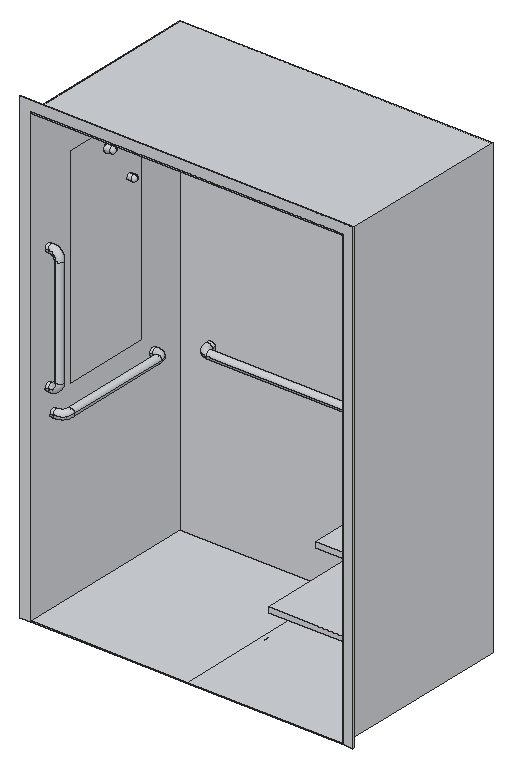
Revit family "Shower_Cabinet-Willoughby-US-3660-HC-FA-L", category Plumbing Fixtures, Revit 2015
Parameters
  URL = "https://www.willoughby-ind.com/wp-content/uploads/2018/01/US-3660-FA-ROLL-IN.pdf"
  Revision = "A"
  Model = "US/KS-3660-HC-FA"
  Manufacturer = "Willoughby Industries"
  Description = "US 36\" X 60\" Handicap Roll-In Cabinet Shower, Front Access, Left shower heads"
  Contact Info = "(800) 428-4065"
Reference planes (in)
  plane 1 "Center (Front/Back)": y = 0
  plane 2: z = 0
  plane 3 "Center (Left/Right)": x = 0
Forms (in)
  Extrusion 1, solid
    sketch origin (0, 0, 0) x (1, 0, 0) y (0, 0, 1)
      loop
        line (152.875, 0) -> (213, 0) -> (213, 88) -> (152.875, 88) -> (152.875, 0)
    from 0 to 36
  Extrusion 2, void
    sketch origin (0, 0, 0) x (1, 0, 0) y (0, 0, 1)
      loop
        line (182.9375, 0.12) -> (212.9375, 0.12) -> (212.9375, 87.925) -> (152.9375, 87.925) -> (152.9375, 0.12) -> (182.9375, 0.12)
    from 0.07422 to 37
  Sweep 3, solid
    path origin (-9.0625, -18.07422, 34) x (1, 0, 0) y (0, 1, 0)
      loop
        line (198, 18) -> (198, 17.25)
        arc (198, 17.25) -> (197.56066, 16.18934) -> (196.5, 15.75) r 1.5
        line (196.5, 15.75) -> (169.5, 15.75)
        arc (169.5, 15.75) -> (168.43934, 16.18934) -> (168, 17.25) r 1.5
        line (168, 17.25) -> (168, 18)
    profile origin (188.9375, -0.07422, 34) x (1, 0, 0) y (0, 0, 1)
      loop
        circle (0, 0) r 0.75
  Extrusion 4, solid
    sketch origin (0, -35.92578, 0) x (1, 0, 0) y (0, 0, 1)
      loop
        line (152.875, 0) -> (152.875, 88) -> (213, 88) -> (213, 0) -> (215, 0) -> (215, 90) -> (150.875, 90) -> (150.875, 0) -> (152.875, 0)
    from 0 to 0.07422
  Sweep 5, solid
    path origin (13.68492, 18.61488, 34) x (1, 0, 0) y (0, 1, 0)
      loop
        line (139.25258, -25.4391) -> (140.00258, -25.4391)
        arc (140.00258, -25.4391) -> (141.06324, -25.87844) -> (141.50258, -26.9391) r 1.5
        line (141.50258, -26.9391) -> (141.50258, -47.9391)
        arc (141.50258, -47.9391) -> (141.06324, -48.99976) -> (140.00258, -49.4391) r 1.5
        line (140.00258, -49.4391) -> (139.25258, -49.4391)
    profile origin (152.9375, -6.82422, 34) x (0, 1, 0) y (0, 0, 1)
      loop
        circle (0, 0) r 0.75
  Sweep 6, solid
    path origin (0, 0, 0) x (1, 0, 0) y (0, 0, 1)
      loop
        line (152.9375, 39) -> (153.6875, 39)
        arc (153.6875, 39) -> (154.74816, 39.43934) -> (155.1875, 40.5) r 1.5
        line (155.1875, 40.5) -> (155.1875, 61.5)
        arc (155.1875, 61.5) -> (154.74816, 62.56066) -> (153.6875, 63) r 1.5
        line (153.6875, 63) -> (152.9375, 63)
    profile origin (152.9375, 0, 39) x (0, 0, 1) y (0, -1, 0)
      loop
        circle (0, 32) r 0.75
  Revolve 7, solid
    sketch origin (152.9375, -12.575, -17.55162) x (-1, 0, 0) y (0, 0, 1)
      loop
        line (0.0625, 84.30162) -> (0.0625, 84.86162) -> (-1.10022, 84.86162)
        arc (-1.10022, 84.86162) -> (-1.4962, 84.6976) -> (-1.66022, 84.30162) r 0.56
        line (-1.66022, 84.30162) -> (0.0625, 84.30162)
      axis (0.0625, 84.30162) -> (-1.66022, 84.30162)
    angle from 0 to 360
  Revolve 8, solid
    sketch origin (0, -18, 0) x (1, 0, 0) y (0, 0, 1)
      loop
        line (152.875, 74.125) -> (154.8375, 74.125)
        arc (154.8375, 74.125) -> (154.68119, 74.55158) -> (154.2775, 74.76) r 0.62579
        line (154.2775, 74.76) -> (153.1875, 74.875) -> (152.875, 74.875) -> (152.875, 74.125)
      axis (152.875, 74.125) -> (154.8375, 74.125)
    angle from 0 to 360
  Extrusion 9, solid
    sketch origin (0, 0, 0) x (1, 0, 0) y (0, 1, 0)
      loop
        circle (182.9375, -18.07422) r 1
    from 0 to -5
  Extrusion 10, solid
    sketch origin (0, 0, 0) x (1, 0, 0) y (0, 1, 0)
      loop
        line (212.9375, -35.03711) -> (212.9375, -1.03711) -> (190.9375, -1.03711) -> (190.9375, -15.03711) -> (197.9375, -15.03711) -> (197.9375, -35.03711) -> (212.9375, -35.03711)
    from 17 to 18
  Extrusion 11, solid
    sketch origin (152.9375, 0, 0) x (0, 1, 0) y (0, 0, 1)
      loop
        line (-9.5625, 77.125) -> (-26.5625, 77.125) -> (-26.5625, 37.125) -> (-9.5625, 37.125) -> (-9.5625, 77.125)
    from 0 to 0.07422
Cuts and joins
  Extrusion 2 cuts Extrusion 1
Dimensions and locks (in)
  aligned and locked: level to plane 2
  aligned and locked: Revolve 7 sketch curve to Revolve 7 sketch curve
  aligned and locked: cut or joined group of Extrusion 1, Extrusion 2 to Revolve 8 sketch curve
Connectors (in)
  piping at (152.875, -18, 74.125), diameter 0.375
    settings: on Revolve 8, index 1, connector inside diameter 24", connector length 0' - 0", flow factor 0, pipe flow 0 GPM, pressure drop 0.00 psi, fitting loss kfactor 0, connector angle 0.00°, fixture units 0, engagement length 0' - 0", angle of deflection 0.00°, flow configuration 0, flow direction 0, fitting loss method 0, system type 19, joint type 0, gender type 0, connector reference index -1, connector utility 0, adjustable connector no, is connector primary yes, connector description ""
  piping at (182.9375, -18.07422, -5), diameter 2
    settings: on Extrusion 9, index 2, connector inside diameter 24", connector length 0' - 0", flow factor 0, pipe flow 0 GPM, pressure drop 0.00 psi, fitting loss kfactor 0, connector angle 0.00°, fixture units 0, engagement length 0' - 0", angle of deflection 0.00°, flow configuration 0, flow direction 0, fitting loss method 0, system type 16, joint type 0, gender type 0, connector reference index -1, connector utility 0, adjustable connector no, is connector primary no, connector description ""
